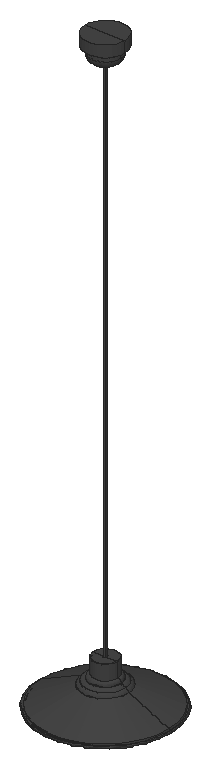
Revit family "MILKCAN(8,10,12,18) LED", category Lighting Fixtures, Revit 2020
Family settings
  Round Connector Dimension = Use Diameter
  Part Type = Normal
  OmniClass Number = 23.80.70.00
  OmniClass Title = Lighting
  Work Plane-Based = No
  Always vertical = Yes
  Cut with Voids When Loaded = No
  Light Source = Yes
  Shared = No
  Room Calculation Point = No
Parameters (values of type "MC18")
  Weight = "2 lbs"
  Wattage Comments = "24W"
  Wattage = 2.4 W
  Warranty = "5 year limited warranty"  # constant formula
  built-in parameter 1150110 = 1 (stored number, unit not read)
  Voltage = 277 V
  URL = "https://www.anplighting.com/assets/Uploads/product-attachments/specification-sheets/ANP-Specification-Sheet-RLM-LED-MC18.pdf"
  built-in parameter 1114217 = 1 (stored number, unit not read)
  Tilt Angle = 90.00°
  built-in parameter 1150109 = 1 (stored number, unit not read)
  built-in parameter 1150134 = 12
  built-in parameter 1150113 = 1 (stored number, unit not read)
  Mounting Option [instance] = 1
  Power Factor = 1
  Post Mount [instance] = Mounting Option = 5  # no
  Placement X axis side [instance] = if(Post Mount, 2' 2 15/32", if(Cord or Stem Mount, 0' 0", if(E36 20 inch, 1' 8 1/4", if(E 6 26 inch, 2' 2", if(E7 41 inch, 3' 5 1/4", 0' 1")))))  # 0' - 0"
  Photometric Web File = "MC18M024LDN40K.ies"
  Model = "MC18"
  Manufacturer = "ANP Lighting"  # constant formula
  MC8 = no
  MC18 = yes
  MC12 = no
  MC10 = no
  built-in parameter 1150105 = 3000 (stored number, unit not read)
  Lumens = 3000 lm
  built-in parameter 1150115 = 1 (stored number, unit not read)
  Load Classification = Lighting
  Light Source Height [instance] = 0' - 4"
  built-in parameter 1150137 = (empty or 0)
  built-in parameter 1150139 = (empty or 0)
  Light Elevation _2 [instance] = if(Post Mount, 0' 0.66142", if(E7 41 inch, 0' 0.66142", if(E36 20 inch, 0' 1.65748", if(E 6 26 inch, 0' 1.53543", if(Cord or Stem Mount, (0' 4.3622" + Cord Length), 0' 0")))))  # 6' - 4.3622"
  Light Elevation _1 [instance] = if(Post Mount, 0' 0", if(E7 41 inch, 0' 0", if(E36 20 inch, 0' 1", if(E 6 26 inch, 0' 0.87402", if(Cord or Stem Mount, (0' 3.66142" + Cord Length), 0' 0")))))  # 6' - 3.66142"
  Light Elevation [instance] = if(Post Mount, 14' 0.5315", if(E7 41 inch, 0' 0", 0' 0"))  # 0' - 0"
  Life = "L70 50,000 hours"  # constant formula
  built-in parameter 1150112 = 1 (stored number, unit not read)
  built-in parameter 1150114 = 1 (stored number, unit not read)
  Lamp = "LED"
  built-in parameter 1150132 = 2
  built-in parameter 1150102 = (empty or 0)
  built-in parameter 1150107 = 4000 (stored number, unit not read)
  built-in parameter 1150138 = (empty or 0)
  built-in parameter 1150106 = 30 (stored number, unit not read)
  Fixture Height = 0' - 6 1/8"
  Fixture Diameter = 1' - 6"
  Efficiency = "65-125 lumens per watt"  # constant formula
  built-in parameter 1150104 = 116.13 (stored number, unit not read)
  E7 41 inch [instance] = Mounting Option = 4  # no
  E36 20 inch [instance] = Mounting Option = 3  # no
  E 6 26 inch [instance] = Mounting Option = 2  # no
  Dimming Lamp Color Temperature Shift = <None>
  Dimming = "1%"  # constant formula
  Description = "120-277 Voltage"  # constant formula
  Default Elevation = 0' - 0"
  Cord or Stem Mount [instance] = Mounting Option = 1  # yes
  Cord Length option [instance] = 0
  Cord Length [instance] = if([2' Cord], 2' 0", if([4' Cord], 4' 0", if([8' Cord], 8' 0", if([10' Cord], 10' 0", if([6' Cord], 6' 0", 6' 0")))))  # 6' - 0"
  Construction Material = "Heavy Duty spun aluminum."  # constant formula
  Color Filter = 16777215
  CRI = ">90"  # constant formula
  Body Material = body
  Body Colour = "Spun aluminium"  # constant formula
  built-in parameter 1114218 = 1 (stored number, unit not read)
  built-in parameter 1150133 = 10 (stored number, unit not read)
  Apparent Load = 24 VA
  8' Cord [instance] = Cord Length option = 8  # no
  6' Cord [instance] = Cord Length option = 6  # no
  4' Cord [instance] = Cord Length option = 4  # no
  2' Cord [instance] = Cord Length option = 2  # no
  10' Cord [instance] = Cord Length option = 10  # no
Types (5): name | Weight | Wattage Comments | Wattage | URL | Model | MC8 | MC18 | MC12 | MC10 | built-in parameter 1150105 | Lumens | Light Source Height | built-in parameter 1150106 | Fixture Height | Fixture Diameter | Apparent Load
  (no name) | "2 lbs" | "24W" | 2.4 W | "https://www.anplighting.com/assets/Uploads/product-attachments/specification-sheets/ANP-Specification-Sheet-RLM-LED-MC18.pdf" | "MC18" | no | yes | no | no | 3000 (stored number, unit not read) | 3000 lm | 0' - 4" | 30 (stored number, unit not read) | 0' - 6 1/8" | 1' - 6" | 24 VA
  MC08 | "1 lbs" | "9W" | 0.68 W | "https://www.anplighting.com/assets/Uploads/product-attachments/specification-sheets/ANP-Specification-Sheet-RLM-LED-MC08.pdf" | "MC08" | yes | no | no | no | 850 (stored number, unit not read) | 850 lm | 0' - 2 1/2" | 8.5 (stored number, unit not read) | 0' - 3 3/4" | 0' - 8" | 9 VA
  MC10 | "1 lbs" | "10W" | 1 W | "https://www.anplighting.com/assets/Uploads/product-attachments/specification-sheets/ANP-Specification-Sheet-RLM-LED-MC10.pdf" | "MC10" | no | no | no | yes | 1250 (stored number, unit not read) | 1250 lm | 0' - 3" | 12.5 (stored number, unit not read) | 0' - 3 3/4" | 0' - 10" | 10 VA
  MC12 | "1.5 lbs" | "16W" | 1.6 W | "https://www.anplighting.com/assets/Uploads/product-attachments/specification-sheets/ANP-Specification-Sheet-RLM-LED-MC12.pdf" | "MC12" | no | no | yes | no | 2000 (stored number, unit not read) | 2000 lm | 0' - 4" | 20 (stored number, unit not read) | 0' - 5" | 1' - 0" | 16 VA
  MC18 | "2 lbs" | "24W" | 2.4 W | "https://www.anplighting.com/assets/Uploads/product-attachments/specification-sheets/ANP-Specification-Sheet-RLM-LED-MC18.pdf" | "MC18" | no | yes | no | no | 3000 (stored number, unit not read) | 3000 lm | 0' - 4" | 30 (stored number, unit not read) | 0' - 6 1/8" | 1' - 6" | 24 VA
Reference planes (in)
  plane 1 "Light Source Axis (F/B)": y = 0
  plane 2: z = 0
  plane 3 "Light Source Axis (L/R)": x = 0
  plane 4 "Light Source Elevation": z = 0
  plane 5: z = 0
  plane 6: x = 0
  plane 7 "Bulb Position": z = -76.3622
  plane 8 "Canopy Position": z = -75.66142
  plane 9 "IES": z = -80.3622
Dimensions and locks (in)
  "Light Elevation": plane 5 to plane 2
  "Placement X axis side": plane 6 to plane 3 "Light Source Axis (L/R)"
  "Light Elevation _2": plane 5 to plane 7 "Bulb Position"
  "Light Elevation _1": plane 5 to plane 8 "Canopy Position"
  "Light Source Height": plane 7 "Bulb Position" to plane 9 "IES"
  locked: plane 4 "Light Source Elevation" to plane 2
  aligned and locked: level to plane 2
  aligned and locked: plane 1 "Light Source Axis (F/B)" to nested 5
  aligned and locked: nested 5 to plane 2
  aligned and locked: nested 1 to plane 3 "Light Source Axis (L/R)"
  aligned and locked: plane 3 "Light Source Axis (L/R)" to nested 2
  aligned and locked: plane 3 "Light Source Axis (L/R)" to nested 4
  aligned and locked: nested 3 to plane 5
  aligned and locked: plane 3 "Light Source Axis (L/R)" to nested 3
  aligned and locked: plane 3 "Light Source Axis (L/R)" to nested 5
  aligned and locked: plane 1 "Light Source Axis (F/B)" to nested 2
  aligned and locked: plane 1 "Light Source Axis (F/B)" to nested 1
  aligned and locked: plane 1 "Light Source Axis (F/B)" to nested 4
  aligned and locked: plane 1 "Light Source Axis (F/B)" to nested 3
  aligned and locked: plane 2 to nested 1
  aligned and locked: plane 2 to nested 2
  aligned and locked: nested 4 to plane 2
  aligned and locked: imposter light to plane 9 "IES"
  aligned and locked: imposter light to plane 6
  aligned and locked: nested 6 to plane 8 "Canopy Position"
  aligned and locked: nested 7 to plane 8 "Canopy Position"
  aligned and locked: nested 8 to plane 8 "Canopy Position"
  aligned and locked: nested 9 to plane 8 "Canopy Position"
  aligned and locked: nested 6 to plane 6
  aligned and locked: nested 7 to plane 6
  aligned and locked: nested 8 to plane 6
  aligned and locked: nested 9 to plane 6
Nested families (in)
  nested 1: "CORD OR STEM MOUNT" at (0, 0, -75.67), visible <- "Cord or Stem Mount", Cord or Stem Mount <- "Cord or Stem Mount", Body Material <- "Body Material", Light Elevation <- "Light Elevation", Cord Length <- "Cord Length", 10' Cord <- "10' Cord", 2' Cord <- "2' Cord", 4' Cord <- "4' Cord", 6' Cord <- "6' Cord", 8' Cord <- "8' Cord", type "CORD OR STEM MOUNT"
    with Light Elevation 0' - 0", Cord or Stem Mount yes, Cord Length 6' - 0", Body Material body, 8' Cord no, 6' Cord no, 4' Cord no, 2' Cord no, 10' Cord no
  nested 2: "E6 26 INCH" at (0, 0, 0), visible <- "E 6 26 inch", Chain Length <- "Cord Length", E 6 26 inch <- "E 6 26 inch", Placement X axis side <- "Placement X axis side", Body Material <- "Body Material", Light Elevation <- "Light Elevation", type "E6 26 INCH"
    with Placement X axis side 0' - 0", Light Elevation 0' - 0", E 6 26 inch no, Chain Length 6' - 0", Body Material body
  nested 3: "E7 41 INCH" at (0, 0, 0), Chain Length <- "Cord Length", visible <- "E7 41 inch", E7 41 inch <- "E7 41 inch", Placement X axis side <- "Placement X axis side", Body Material <- "Body Material", Light Elevation <- "Light Elevation", type "E7 41 INCH"
    with Placement X axis side 0' - 0", Light Elevation 0' - 0", E7 41 inch no, Chain Length 6' - 0", Body Material body
  nested 4: "E36 20 INCH" at (0, 0, 0), visible <- "E36 20 inch", E36 20 inch <- "E36 20 inch", Placement X axis side <- "Placement X axis side", Chain Length <- "Cord Length", Body Material <- "Body Material", Light Elevation <- "Light Elevation", type "E36 20 INCH"
    with Placement X axis side 0' - 0", Light Elevation 0' - 0", E36 20 inch no, Chain Length 6' - 0", Body Material body
  nested 5: "POST MOUNT" at (0, 0, 0), visible <- "Post Mount", Post Mount <- "Post Mount", Placement X axis side <- "Placement X axis side", Chain Length <- "Cord Length", Body Material <- "Body Material", Light Elevation <- "Light Elevation", type "POST MOUNT"
    with Post Mount no, Placement X axis side 0' - 0", Light Elevation 0' - 0", Chain Length 6' - 0", Body Material body
  nested 6: "MC8" at (0, 0, -75.66142), Light Elevation <- "Light Elevation", Body <- "Body Material", MC8 <- "MC8", visible <- "MC8", type "MC8"
    with MC8 no, Light Elevation 0' - 0", Body body
  nested 7: "MC10" at (0, 0, -75.66142), Light Elevation <- "Light Elevation", Body <- "Body Material", MC10 <- "MC10", visible <- "MC10", type "MC10"
    with MC10 no, Light Elevation 0' - 0", Body body
  nested 8: "MC12" at (0, 0, -93.66142), Body <- "Body Material", MC12 <- "MC12", visible <- "MC12", Fixture Diameter <- "Fixture Diameter", type "MC12"
    with MC12 no, Fixture Diameter 1' - 6", Body body
  nested 9: "MC18" at (0, 0, -75.66142), Light Elevation <- "Light Elevation", Body <- "Body Material", MC18 <- "MC18", visible <- "MC18", type "MC18"
    with MC18 yes, Light Elevation 0' - 0", Body body
Definition of nested family "CORD OR STEM MOUNT"
  Parameters (values of type "CORD OR STEM MOUNT")
    URL = ""
    Model = ""
    Manufacturer = ""
    Light Elevation [instance] = 1' - 7.69"
    Default Elevation = 0' - 0"
    Cord or Stem Mount [instance] = yes
    Cord Length [instance] = 6' - 0"
    Body Material [instance] = none
    8' Cord [instance] = no
    6' Cord [instance] = no
    4' Cord [instance] = no
    2' Cord [instance] = no
    10' Cord [instance] = no
  Reference planes (in)
    plane 1 "Light Source Axis (F/B)": y = 0
    plane 2: z = 0
    plane 3 "Light Source Axis (L/R)": x = 0
    plane 4 "Light Source Elevation": z = 23.125
    plane 5: z = 91.69
    plane 6: z = 19.69
  Forms (in)
    Extrusion 1, void, not visible
      sketch origin (0, 0, 2.38154) x (1, 0, 0) y (0, 0, 1)
        loop
          circle (0, 4.59925) r 0.16583
      from 1.18594 to 1.75
    Extrusion 2, void, not visible
      sketch origin (0, 0, 2.38154) x (0.707107, -0.707107, 0) y (0, 0, 1)
        loop
          circle (0, 4.59925) r 0.16583
      from 1.18594 to 1.75
    Extrusion 3, void, not visible
      sketch origin (0, 0, 2.38154) x (0.707107, 0.707107, 0) y (0, 0, 1)
        loop
          circle (0, 4.59925) r 0.16583
      from 1.18594 to 1.75
    Extrusion 4, void, not visible
      sketch origin (0, 0, 2.38154) x (0, 1, 0) y (0, 0, 1)
        loop
          circle (0, 4.59925) r 0.16583
      from 1.18594 to 1.75
    Extrusion 5, void, not visible
      sketch origin (0, 0, 2.38154) x (-0.707107, 0.707107, 0) y (0, 0, 1)
        loop
          circle (0, 4.59925) r 0.16583
      from 1.18594 to 1.75
    Extrusion 6, void, not visible
      sketch origin (0, 0, 2.38154) x (-1, 0, 0) y (0, 0, 1)
        loop
          circle (0, 4.59925) r 0.20678
      from 1.18594 to 1.75
    Extrusion 7, void, not visible
      sketch origin (0, 0, 2.38154) x (-0.707107, -0.707107, 0) y (0, 0, 1)
        loop
          circle (0, 4.59925) r 0.16583
      from 1.18594 to 1.75
    Extrusion 8, void, not visible
      sketch origin (0, 0, 2.38154) x (0, -1, 0) y (0, 0, 1)
        loop
          circle (0, 4.59925) r 0.16583
      from 1.18594 to 1.75
    Revolve 9, solid, material <- "Body Material", visible <- "Cord or Stem Mount"
      sketch origin (0, 0, 174.56698) x (1, 0, 0) y (0, 0, 1)
        loop
          line (2.6875, -79.20698) -> (0, -79.20698) -> (0, -82.87698) -> (0.125, -82.87698) -> (0.125, -82.83698) -> (0.75, -82.83698)
          arc (0.75, -82.83698) -> (0.81694, -82.77004) -> (0.75, -82.7031) r 0.06694
          line (0.75, -82.7031) -> (0.89763, -82.7031) -> (1.00223, -82.5985) -> (1.06587, -82.5985)
          arc (1.06587, -82.5985) -> (1.80099, -82.29401) -> (2.10549, -81.55888) r 1.03962
          line (2.10549, -81.55888) -> (2.10549, -81.03899)
          arc (2.10549, -81.03899) -> (2.12951, -80.981) -> (2.1875, -80.95698) r 0.08201
          line (2.1875, -80.95698) -> (2.1875, -80.70698) -> (2.6875, -80.70698) -> (2.6875, -79.20698)
        axis (0, -79.20698) -> (0, -82.87698)
      angle from 0 to 360
    Revolve 10, solid, material <- "Body Material", visible <- "Cord or Stem Mount"
      sketch origin (0, 0, 0) x (1, 0, 0) y (0, 0, 1)
        loop
          line (0, 91.69) -> (-0.125, 91.69) -> (-0.125, 19.69) -> (0, 19.69) -> (0, 91.69)
        axis (0, 19.69) -> (0, 91.69)
      angle from 0 to 360
  Dimensions and locks (in)
    "Light Elevation": plane 6 to plane 2
    "Cord Length": plane 5 to plane 6
    locked: Revolve 10 sketch curve to Revolve 10 sketch curve at 0.125
    aligned and locked: level to plane 2
    aligned and locked: Revolve 10 sketch curve to plane 3 "Light Source Axis (L/R)"
    aligned and locked: Revolve 10 sketch curve to plane 6
    aligned and locked: Revolve 10 sketch curve to plane 5
    aligned and locked: plane 3 "Light Source Axis (L/R)" to Revolve 10 sketch curve
  Automatic sketch dimensions
    Revolve 9 sketch curve to plane 3 "Light Source Axis (L/R)" = 0' - 0"  (x2)
    Revolve 9 sketch curve to plane 5 = 0' - 0"
    plane 3 "Light Source Axis (L/R)" to Revolve 9 sketch curve = 0' - 0 1/8"
    Revolve 9 sketch curve to plane 5 = 0' - 0.17388"
    Revolve 9 sketch curve to Revolve 9 sketch curve = 0' - 0 5/8"
    Revolve 9 sketch curve to Revolve 9 sketch curve = 0' - 0.14763"
    Revolve 9 sketch curve to plane 5 = 0' - 0.27847"
    Revolve 9 sketch curve to Revolve 9 sketch curve = 0' - 0.1046"
    Revolve 9 sketch curve to Revolve 9 sketch curve = 0' - 0.06364"
    Revolve 9 sketch curve to Revolve 9 sketch curve = 0' - 1.03962"
    Revolve 9 sketch curve to Revolve 9 sketch curve = 0' - 0 21/256"
    Revolve 9 sketch curve to Revolve 9 sketch curve = 0' - 0 1/2"  (x2)
    Revolve 9 sketch curve to Revolve 9 sketch curve = 0' - 0.51989"
    Revolve 9 sketch curve to Revolve 9 sketch curve = 0' - 0 1/4"
    Revolve 9 sketch curve to Revolve 9 sketch curve = 0' - 2.3519"
    Revolve 9 sketch curve to Revolve 9 sketch curve = 0' - 1 1/4"
    Revolve 9 sketch curve to Revolve 9 sketch curve = 0' - 0.04"
    Revolve 10 sketch curve to Revolve 10 sketch curve = 0' - 0 1/2"
    Revolve 10 sketch curve to Revolve 10 sketch curve = 0' - 0.42345"
Definition of nested family "MC18"
  Parameters (values of type "MC18")
    MC18 [instance] = yes
    Light Elevation [instance] = 0' - 0"
    Default Elevation = 0' - 0"
    Body [instance] = none
  Reference planes (in)
    plane 1 "Center (Front/Back)": y = 0
    plane 2: z = 0
    plane 3 "Center (Left/Right)": x = 0
    plane 4: z = 0
  Dimensions and locks (in)
    "Light Elevation": plane 4 to level
    aligned and locked: plane 2 to level
    aligned and locked: plane 1 "Center (Front/Back)" to nested 1
    aligned and locked: plane 3 "Center (Left/Right)" to nested 1
    aligned and locked: plane 4 to nested 1
  Nested families (in)
    nested 1: "Family9" at (0, 0, -6.125), Body <- "Body", visible <- "MC18", MC18 <- "MC18", type "Family9"
      with MC18 yes, Body none
  Definition of nested family "Family9"
    Parameters
      MC18 [instance] = yes
      Default Elevation = 0' - 0"
      Body [instance] = none
    Reference planes (in)
      plane 1 "Center (Front/Back)": y = 0
      plane 2: z = 0
      plane 3 "Center (Left/Right)": x = 0
    Forms (in)
      Revolve 1, solid, material <- "Body", visible <- "MC18"
        sketch origin (0, 0, 0) x (1, 0, 0) y (0, 0, 1)
          loop
            line (8.51516, 0) -> (8.93338, 0)
            arc (8.93338, 0) -> (9, 0.09839) -> (8.93338, 0.19677) r 0.10596
            line (8.93338, 0.19677) -> (8.66516, 0.19677) -> (8.66516, 0.36156)
            arc (8.66516, 0.36156) -> (5.96069, 1.6644) -> (3.16998, 2.7705) r 41.95239
            line (3.16998, 2.7705) -> (3.09734, 2.7705)
            arc (3.09734, 2.7705) -> (2.96765, 3.04415) -> (2.73248, 3.23494) r 0.68371
            line (2.73248, 3.23494) -> (2.6771, 3.23494)
            arc (2.6771, 3.23494) -> (2.43858, 3.48637) -> (2.09496, 3.53156) r 0.51891
            line (2.09496, 3.53156) -> (2.05102, 3.53156) -> (2.05102, 3.59548)
            arc (2.05102, 3.59548) -> (1.95523, 3.92754) -> (1.65622, 4.1008) r 0.46309
            line (1.65622, 4.1008) -> (1.65622, 6.07769) -> (1.61985, 6.07769) -> (1.61985, 6.125) -> (0.30815, 6.125) -> (0.30815, 5.975) -> (1.50622, 5.975) -> (1.50622, 3.94401)
            arc (1.50622, 3.94401) -> (1.79468, 3.87962) -> (1.90102, 3.60385) r 0.31309
            line (1.90102, 3.60385) -> (1.90102, 3.38156) -> (2.11211, 3.38156)
            arc (2.11211, 3.38156) -> (2.37965, 3.34788) -> (2.55281, 3.14117) r 0.36891
            arc (2.55281, 3.14117) -> (2.82797, 2.9774) -> (2.95988, 2.68563) r 0.53371
            arc (2.95988, 2.68563) -> (5.78132, 1.57903) -> (8.51516, 0.27092) r 41.80239
            line (8.51516, 0.27092) -> (8.51516, 0.19677) -> (8.51516, 0)
          axis (0, 6.125) -> (0, 0)
        angle from 0 to 360
    Dimensions and locks (in)
      aligned and locked: plane 2 to level
Definition of nested family "E6 26 INCH"
  Parameters (values of type "E6 26 INCH")
    URL = ""
    Placement X axis side [instance] = 2' - 2"
    Model = ""
    Manufacturer = ""
    Light Elevation [instance] = 8' - 4"
    E 6 26 inch [instance] = yes
    Default Elevation = 0' - 0"
    Chain Length [instance] = 0' - 0"
    Body Material [instance] = none
  Reference planes (in)
    plane 1 "Light Source Axis (F/B)": y = 0
    plane 2: z = 0
    plane 3 "Light Source Axis (L/R)": x = 0
    plane 4 "Light Source Elevation": z = 23.125
    plane 5: z = 100
    plane 6: x = -26
    plane 7: z = 99.125
    plane 8: x = -24.12
    plane 9: x = -25.5474
  Forms (in)
    Extrusion 1, void, not visible
      sketch origin (0, 0, 2.38154) x (1, 0, 0) y (0, 0, 1)
        loop
          circle (0, 4.59925) r 0.16583
      from 1.18594 to 1.75
    Extrusion 2, void, not visible
      sketch origin (0, 0, 2.38154) x (0.707107, -0.707107, 0) y (0, 0, 1)
        loop
          circle (0, 4.59925) r 0.16583
      from 1.18594 to 1.75
    Extrusion 3, void, not visible
      sketch origin (0, 0, 2.38154) x (0.707107, 0.707107, 0) y (0, 0, 1)
        loop
          circle (0, 4.59925) r 0.16583
      from 1.18594 to 1.75
    Extrusion 4, void, not visible
      sketch origin (0, 0, 2.38154) x (0, 1, 0) y (0, 0, 1)
        loop
          circle (0, 4.59925) r 0.16583
      from 1.18594 to 1.75
    Extrusion 5, void, not visible
      sketch origin (0, 0, 2.38154) x (-0.707107, 0.707107, 0) y (0, 0, 1)
        loop
          circle (0, 4.59925) r 0.16583
      from 1.18594 to 1.75
    Extrusion 6, void, not visible
      sketch origin (0, 0, 2.38154) x (-1, 0, 0) y (0, 0, 1)
        loop
          circle (0, 4.59925) r 0.20678
      from 1.18594 to 1.75
    Extrusion 7, void, not visible
      sketch origin (0, 0, 2.38154) x (-0.707107, -0.707107, 0) y (0, 0, 1)
        loop
          circle (0, 4.59925) r 0.16583
      from 1.18594 to 1.75
    Extrusion 8, void, not visible
      sketch origin (0, 0, 2.38154) x (0, -1, 0) y (0, 0, 1)
        loop
          circle (0, 4.59925) r 0.16583
      from 1.18594 to 1.75
    Sweep 9, solid, material <- "Body Material", visible <- "E 6 26 inch"
      path origin (-41.25, 0, 168.51693) x (1, 0, 0) y (0, 0, 1)
        loop
          line (17.13, -68.51693) -> (27.68551, -68.51693)
          arc (27.68551, -68.51693) -> (28.47996, -68.34486) -> (29.13202, -67.8595) r 1.92004
          line (29.13202, -67.8595) -> (34.23651, -62.01155)
          arc (34.23651, -62.01155) -> (38.65464, -60.89667) -> (41.25, -64.64193) r 4
          line (41.25, -64.64193) -> (41.25, -69.39193)
      profile origin (-18.84224, 0, 100) x (0, 0, 1) y (0, -1, 0)
        loop
          circle (0, 0) r 0.5
    Revolve 10, solid, material <- "Body Material", visible <- "E 6 26 inch"
      sketch origin (-26, 0, 168.51693) x (1, 0, 0) y (0, 0, 1)
        loop
          line (0, -66.07943) -> (0, -68.51693) -> (1.88, -68.51693) -> (1.88, -67.69272) -> (0.4526, -67.69272) -> (0.4526, -66.54122) -> (0.33125, -66.54122) -> (0.33125, -66.07943) -> (0, -66.07943)
        axis (0, -68.51693) -> (1.88, -68.51693)
      angle from 0 to 360
    Extrusion 11, solid, material <- "Body Material", visible <- "E 6 26 inch"
      sketch origin (-26, 0, 168.51693) x (0, -1, 0) y (0, 0, -1)
        loop
          line (0.25, 68.51693) -> (0.25, 69.51693) -> (-0.25, 69.51693) -> (-0.25, 68.51693) -> (0.25, 68.51693)
      from 0.4526 to 1.88
  Cuts and joins
    joined: Revolve 10, Extrusion 11
  Dimensions and locks (in)
    "Light Elevation": plane 5 to plane 2
    "Placement X axis side": plane 3 "Light Source Axis (L/R)" to plane 6
    locked: plane 5 to plane 7 at 0.875
    Revolve 10 sketch curve to Revolve 10 sketch curve to Revolve 10 sketch curve to plane 6 = 0' - 1.4274" locked, 0' - 0.12135" locked, 0' - 0.33125" locked
    Revolve 10 sketch curve to Revolve 10 sketch curve to Revolve 10 sketch curve to plane 5 = 0' - 0.46179" locked, 0' - 1.1515" locked, 0' - 0 211/256" locked
    locked: Sweep 9 sketch curve to plane 6 at 1.88
    locked: Sweep 9 sketch curve to Sweep 9 sketch curve at 10.55551
    locked: Sweep 9 sketch curve to Sweep 9 sketch curve at 13.56449
    locked: Sweep 9 sketch curve to Sweep 9 sketch curve at 4.75
    locked: plane 9 to plane 6 at 0.4526
    locked: plane 8 to plane 9 at 1.4274
    aligned and locked: level to plane 2
    aligned and locked: Revolve 10 sketch curve to plane 6
    aligned and locked: plane 5 to Revolve 10 sketch curve
    aligned and locked: Revolve 10 sketch curve to plane 5
    aligned and locked: cut or joined group of Revolve 10, Extrusion 11 to plane 9
    aligned and locked: plane 8 to cut or joined group of Revolve 10, Extrusion 11
  Automatic sketch dimensions
    Sweep 9 sketch curve to plane 5 = 0' - 0"
    Sweep 9 sketch curve to Sweep 9 sketch curve = 0' - 4"
    Sweep 9 sketch curve to Sweep 9 sketch curve = 0' - 3.01349"
    plane 5 to Sweep 9 sketch curve = 0' - 0.65743"
    Sweep 9 sketch curve to Sweep 9 sketch curve = 0' - 1.4465"
    Sweep 9 sketch curve to plane 5 = 0' - 0 7/8"
    profile plane to Sweep 9 sketch curve = 0' - 0"
    Sweep 9 sketch curve to profile plane = 0' - 0"
    plane 6 to Revolve 10 sketch curve = 0' - 0.62562"
    Revolve 10 sketch curve to Revolve 10 sketch curve = 0' - 0 1/2"
    Extrusion 11 sketch curve to plane 5 = 0' - 0"
    plane 1 "Light Source Axis (F/B)" to Extrusion 11 sketch curve = 0' - 0 1/4"
    Extrusion 11 sketch curve to plane 1 "Light Source Axis (F/B)" = 0' - 0 1/4"
    plane 5 to Extrusion 11 sketch curve = 0' - 1"
    radius of Sweep 9 sketch curve = 0' - 0 1/2"
Definition of nested family "E7 41 INCH"
  Parameters (values of type "E7 41 INCH")
    URL = ""
    Placement X axis side [instance] = 4' - 2"
    Model = ""
    Manufacturer = ""
    Light Elevation [instance] = 8' - 4"
    E7 41 inch [instance] = yes
    Default Elevation = 0' - 0"
    Chain Length [instance] = 0' - 0"
    Body Material [instance] = none
  Reference planes (in)
    plane 1 "Light Source Axis (F/B)": y = 0
    plane 2: z = 0
    plane 3 "Light Source Axis (L/R)": x = 0
    plane 4 "Light Source Elevation": z = 23.125
    plane 5: z = 100
    plane 6: x = -50
  Forms (in)
    Extrusion 1, void, not visible
      sketch origin (0, 0, 2.38154) x (1, 0, 0) y (0, 0, 1)
        loop
          circle (0, 4.59925) r 0.16583
      from 1.18594 to 1.75
    Extrusion 2, void, not visible
      sketch origin (0, 0, 2.38154) x (0.707107, -0.707107, 0) y (0, 0, 1)
        loop
          circle (0, 4.59925) r 0.16583
      from 1.18594 to 1.75
    Extrusion 3, void, not visible
      sketch origin (0, 0, 2.38154) x (0.707107, 0.707107, 0) y (0, 0, 1)
        loop
          circle (0, 4.59925) r 0.16583
      from 1.18594 to 1.75
    Extrusion 4, void, not visible
      sketch origin (0, 0, 2.38154) x (0, 1, 0) y (0, 0, 1)
        loop
          circle (0, 4.59925) r 0.16583
      from 1.18594 to 1.75
    Extrusion 5, void, not visible
      sketch origin (0, 0, 2.38154) x (-0.707107, 0.707107, 0) y (0, 0, 1)
        loop
          circle (0, 4.59925) r 0.16583
      from 1.18594 to 1.75
    Extrusion 6, void, not visible
      sketch origin (0, 0, 2.38154) x (-1, 0, 0) y (0, 0, 1)
        loop
          circle (0, 4.59925) r 0.20678
      from 1.18594 to 1.75
    Extrusion 7, void, not visible
      sketch origin (0, 0, 2.38154) x (-0.707107, -0.707107, 0) y (0, 0, 1)
        loop
          circle (0, 4.59925) r 0.16583
      from 1.18594 to 1.75
    Extrusion 8, void, not visible
      sketch origin (0, 0, 2.38154) x (0, -1, 0) y (0, 0, 1)
        loop
          circle (0, 4.59925) r 0.16583
      from 1.18594 to 1.75
    Revolve 9, solid, material <- "Body Material", visible <- "E7 41 inch"
      sketch origin (-41.25, 0, 168.39193) x (1, 0, 0) y (0, 0, 1)
        loop
          line (-8.75, -66.20443) -> (-8.75, -68.51693) -> (-6.87, -68.51693) -> (-6.87, -67.69272) -> (-8.2974, -67.69272) -> (-8.2974, -66.54122) -> (-8.41875, -66.54122) -> (-8.41875, -66.20443) -> (-8.75, -66.20443)
        axis (-8.75, -68.51693) -> (-6.87, -68.51693)
      angle from 0 to 360
    Extrusion 10, solid, material <- "Body Material", visible <- "E7 41 inch"
      sketch origin (-41.25, 0, 168.39193) x (0, -1, 0) y (0, 0, -1)
        loop
          line (0.25, 68.51693) -> (0.25, 69.51693) -> (-0.25, 69.51693) -> (-0.25, 68.51693) -> (0.25, 68.51693)
      from -8.2974 to -6.87
    Sweep 11, solid, material <- "Body Material", visible <- "E7 41 inch"
      path origin (-41.25, 0, 168.39193) x (1, 0, 0) y (0, 0, 1)
        loop
          line (-6.87, -68.51693) -> (16.04011, -68.51693)
          arc (16.04011, -68.51693) -> (17.864, -68.13651) -> (19.38375, -67.0587) r 4.5625
          line (19.38375, -67.0587) -> (24.70217, -61.33018)
          arc (24.70217, -61.33018) -> (29.64465, -60.20324) -> (32.5, -64.39193) r 4.5
          line (32.5, -64.39193) -> (32.5, -68.39193)
      profile origin (-36.66494, 0, 99.875) x (0, 0, 1) y (0, -1, 0)
        loop
          circle (0, 0) r 0.5
  Dimensions and locks (in)
    "Placement X axis side": plane 3 "Light Source Axis (L/R)" to plane 6
    "Light Elevation": plane 5 to plane 2
    locked: Revolve 9 sketch curve to Revolve 9 sketch curve at 0.33125
    locked: Revolve 9 sketch curve to Revolve 9 sketch curve at 0.4526
    locked: Revolve 9 sketch curve to Revolve 9 sketch curve at 1.88
    locked: Revolve 9 sketch curve to Revolve 9 sketch curve at 0.82421
    locked: Revolve 9 sketch curve to Revolve 9 sketch curve at 1.1515
    locked: Revolve 9 sketch curve to Revolve 9 sketch curve at 0.33679
    locked: plane 5 to Revolve 9 sketch curve at 0.125
    locked: Extrusion 10 sketch curve to Extrusion 10 sketch curve at 0.5
    locked: Extrusion 10 sketch curve to Extrusion 10 sketch curve at 1
    locked: plane 5 to Extrusion 10 sketch curve at 0.125
    locked: plane 5 to Sweep 11 sketch curve at 0.125
    locked: Sweep 11 sketch curve to Sweep 11 sketch curve at 39.37
    locked: Sweep 11 sketch curve to Sweep 11 sketch curve at 4
    locked: plane 6 to Extrusion 10 at 0.4526
    locked: Sweep 11 sketch curve to plane 6 at 1.88
    locked: Extrusion 10 to Extrusion 10 at 1.4274
    aligned and locked: plane 2 to level
    aligned and locked: Revolve 9 sketch curve to plane 6
  Automatic sketch dimensions
    Revolve 9 sketch curve to plane 5 = 0' - 0 1/8"
    plane 6 to Revolve 9 sketch curve = 0' - 0.62562"
    Revolve 9 sketch curve to Revolve 9 sketch curve = 0' - 0 1/2"
    plane 1 "Light Source Axis (F/B)" to Extrusion 10 sketch curve = 0' - 0 1/4"
    Sweep 11 sketch curve to plane 5 = 0' - 0"
    Sweep 11 sketch curve to Sweep 11 sketch curve = 0' - 4 1/2"
    Sweep 11 sketch curve to Sweep 11 sketch curve = 0' - 3.29783"
    plane 5 to Sweep 11 sketch curve = 0' - 1.33323"
    Sweep 11 sketch curve to Sweep 11 sketch curve = 0' - 5.31842"
    Sweep 11 sketch curve to Sweep 11 sketch curve = 0' - 3.34364"
    profile plane to Sweep 11 sketch curve = 0' - 0"
    Sweep 11 sketch curve to profile plane = 0' - 0"
    radius of Sweep 11 sketch curve = 0' - 0 1/2"
Definition of nested family "E36 20 INCH"
  Parameters (values of type "E36 20 INCH")
    URL = ""
    Placement X axis side [instance] = 1' - 8 1/4"
    Model = ""
    Manufacturer = ""
    Light Elevation [instance] = 8' - 4"
    E36 20 inch [instance] = yes
    Default Elevation = 0' - 0"
    Chain Length [instance] = 0' - 0"
    Body Material [instance] = none
  Reference planes (in)
    plane 1 "Light Source Axis (F/B)": y = 0
    plane 2: z = 0
    plane 3 "Light Source Axis (L/R)": x = 0
    plane 4 "Light Source Elevation": z = 23.125
    plane 5: z = 99
    plane 6: x = -20.25
    plane 7: z = 100
    plane 8: x = -18.37008
    plane 9: x = -19.79724
  Forms (in)
    Extrusion 1, void, not visible
      sketch origin (0, 0, 2.38154) x (1, 0, 0) y (0, 0, 1)
        loop
          circle (0, 4.59925) r 0.16583
      from 1.18594 to 1.75
    Extrusion 2, void, not visible
      sketch origin (0, 0, 2.38154) x (0.707107, -0.707107, 0) y (0, 0, 1)
        loop
          circle (0, 4.59925) r 0.16583
      from 1.18594 to 1.75
    Extrusion 3, void, not visible
      sketch origin (0, 0, 2.38154) x (0.707107, 0.707107, 0) y (0, 0, 1)
        loop
          circle (0, 4.59925) r 0.16583
      from 1.18594 to 1.75
    Extrusion 4, void, not visible
      sketch origin (0, 0, 2.38154) x (0, 1, 0) y (0, 0, 1)
        loop
          circle (0, 4.59925) r 0.16583
      from 1.18594 to 1.75
    Extrusion 5, void, not visible
      sketch origin (0, 0, 2.38154) x (-0.707107, 0.707107, 0) y (0, 0, 1)
        loop
          circle (0, 4.59925) r 0.16583
      from 1.18594 to 1.75
    Extrusion 6, void, not visible
      sketch origin (0, 0, 2.38154) x (-1, 0, 0) y (0, 0, 1)
        loop
          circle (0, 4.59925) r 0.20678
      from 1.18594 to 1.75
    Extrusion 7, void, not visible
      sketch origin (0, 0, 2.38154) x (-0.707107, -0.707107, 0) y (0, 0, 1)
        loop
          circle (0, 4.59925) r 0.16583
      from 1.18594 to 1.75
    Extrusion 8, void, not visible
      sketch origin (0, 0, 2.38154) x (0, -1, 0) y (0, 0, 1)
        loop
          circle (0, 4.59925) r 0.16583
      from 1.18594 to 1.75
    Sweep 9, solid, material <- "Body Material", visible <- "E36 20 inch"
      path origin (-41.25, 0, 169.51693) x (1, 0, 0) y (0, 0, 1)
        loop
          line (22.88, -69.51693) -> (28.93827, -69.51693)
          arc (28.93827, -69.51693) -> (29.97705, -69.28152) -> (30.81284, -68.62128) r 2.40953
          line (30.81284, -68.62128) -> (34.13807, -64.50378)
          arc (34.13807, -64.50378) -> (38.58272, -63.24548) -> (41.25, -67.01693) r 4
          line (41.25, -67.01693) -> (41.25, -70.51693)
      profile origin (-15.34086, 0, 100) x (0, 0, 1) y (0, -1, 0)
        loop
          circle (0, 0) r 0.5
    Revolve 10, solid, material <- "Body Material", visible <- "E36 20 inch"
      sketch origin (-20.25, 0, 169.51693) x (1, 0, 0) y (0, 0, 1)
        loop
          line (0, -67.20443) -> (0, -69.51693) -> (1.88, -69.51693) -> (1.88, -68.69272) -> (0.4526, -68.69272) -> (0.4526, -67.54122) -> (0.33125, -67.54122) -> (0.33125, -67.20443) -> (0, -67.20443)
        axis (0, -69.51693) -> (1.88, -69.51693)
      angle from 0 to 360
    Extrusion 11, solid, material <- "Body Material", visible <- "E36 20 inch"
      sketch origin (-20.25, 0, 169.51693) x (0, -1, 0) y (0, 0, -1)
        loop
          line (0.25, 69.51693) -> (0.25, 70.51693) -> (-0.25, 70.51693) -> (-0.25, 69.51693) -> (0.25, 69.51693)
      from 1.87992 to 0.45276
  Cuts and joins
    joined: Revolve 10, Extrusion 11
  Dimensions and locks (in)
    "Light Elevation": plane 7 to plane 2
    "Placement X axis side": plane 3 "Light Source Axis (L/R)" to plane 6
    locked: plane 7 to plane 5 at 1
    Revolve 10 sketch curve to Revolve 10 sketch curve to Revolve 10 sketch curve to plane 7 = 0' - 0.33679" locked, 0' - 1.1515" locked, 0' - 0 211/256" locked
    locked: Sweep 9 sketch curve to plane 6 at 1.88
    locked: Sweep 9 sketch curve to Sweep 9 sketch curve at 6.05827
    locked: Sweep 9 sketch curve to Sweep 9 sketch curve at 12.31173
    locked: Sweep 9 sketch curve to Sweep 9 sketch curve at 3.5
    Revolve 10 sketch curve to Revolve 10 sketch curve to Revolve 10 sketch curve to plane 6 = 0' - 1.4274" locked, 0' - 0.12135" locked, 0' - 0.33125" locked
    locked: plane 9 to plane 6 at 0.45276
    locked: plane 8 to plane 9 at 1.42717
    aligned and locked: level to plane 2
    aligned and locked: plane 7 to Revolve 10 sketch curve
    aligned and locked: Revolve 10 sketch curve to plane 7
    aligned and locked: Revolve 10 sketch curve to plane 6
    aligned and locked: cut or joined group of Revolve 10, Extrusion 11 to plane 9
    aligned and locked: plane 8 to cut or joined group of Revolve 10, Extrusion 11
  Automatic sketch dimensions
    Sweep 9 sketch curve to plane 7 = 0' - 0"
    Sweep 9 sketch curve to plane 5 = 0' - 0"
    Sweep 9 sketch curve to Sweep 9 sketch curve = 0' - 4"
    Sweep 9 sketch curve to plane 7 = 0' - 0.89565"
    Sweep 9 sketch curve to Sweep 9 sketch curve = 0' - 3.32523"
    Sweep 9 sketch curve to Sweep 9 sketch curve = 0' - 1.87457"
    profile plane to Sweep 9 sketch curve = 0' - 0"
    Sweep 9 sketch curve to profile plane = 0' - 0"
    plane 6 to Revolve 10 sketch curve = 0' - 0.62562"
    Revolve 10 sketch curve to Revolve 10 sketch curve = 0' - 0 1/2"
    plane 7 to Extrusion 11 sketch curve = 0' - 0"
    Extrusion 11 sketch curve to plane 5 = 0' - 0"
    plane 1 "Light Source Axis (F/B)" to Extrusion 11 sketch curve = 0' - 0 1/4"
    Extrusion 11 sketch curve to plane 1 "Light Source Axis (F/B)" = 0' - 0 1/4"
    radius of Sweep 9 sketch curve = 0' - 0 1/2"
Definition of nested family "POST MOUNT"
  Parameters (values of type "POST MOUNT")
    URL = ""
    Post Mount [instance] = yes
    Placement X axis side [instance] = 2' - 2 1/2"
    Model = ""
    Manufacturer = ""
    Light Elevation [instance] = 14' - 0.5168"
    Default Elevation = 0' - 0"
    Chain Length [instance] = 0' - 0"
    Body Material [instance] = none
  Reference planes (in)
    plane 1 "Light Source Axis (F/B)": y = 0
    plane 2: z = 0
    plane 3 "Light Source Axis (L/R)": x = 0
    plane 4 "Light Source Elevation": z = 23.125
    plane 5: x = -26.5
    plane 6: z = 168.5168
  Forms (in)
    Extrusion 1, void, not visible
      sketch origin (0, 0, 2.38154) x (1, 0, 0) y (0, 0, 1)
        loop
          circle (0, 4.59925) r 0.16583
      from 1.18594 to 1.75
    Extrusion 2, void, not visible
      sketch origin (0, 0, 2.38154) x (0.707107, -0.707107, 0) y (0, 0, 1)
        loop
          circle (0, 4.59925) r 0.16583
      from 1.18594 to 1.75
    Extrusion 3, void, not visible
      sketch origin (0, 0, 2.38154) x (0.707107, 0.707107, 0) y (0, 0, 1)
        loop
          circle (0, 4.59925) r 0.16583
      from 1.18594 to 1.75
    Extrusion 4, void, not visible
      sketch origin (0, 0, 2.38154) x (0, 1, 0) y (0, 0, 1)
        loop
          circle (0, 4.59925) r 0.16583
      from 1.18594 to 1.75
    Extrusion 5, void, not visible
      sketch origin (0, 0, 2.38154) x (-0.707107, 0.707107, 0) y (0, 0, 1)
        loop
          circle (0, 4.59925) r 0.16583
      from 1.18594 to 1.75
    Extrusion 6, void, not visible
      sketch origin (0, 0, 2.38154) x (-1, 0, 0) y (0, 0, 1)
        loop
          circle (0, 4.59925) r 0.20678
      from 1.18594 to 1.75
    Extrusion 7, void, not visible
      sketch origin (0, 0, 2.38154) x (-0.707107, -0.707107, 0) y (0, 0, 1)
        loop
          circle (0, 4.59925) r 0.16583
      from 1.18594 to 1.75
    Extrusion 8, void, not visible
      sketch origin (0, 0, 2.38154) x (0, -1, 0) y (0, 0, 1)
        loop
          circle (0, 4.59925) r 0.16583
      from 1.18594 to 1.75
    Revolve 9, solid, material <- "Body Material", visible <- "Post Mount"
      sketch origin (-7.90508, 0, 0) x (1, 0, 0) y (0, 0, 1)
        loop
          line (-18.59492, 3.92912) -> (-16.29831, 3.92912) -> (-16.29831, 4.2668) -> (-16.91413, 4.2668) -> (-16.91413, 134.5168) -> (-17.16413, 134.5168) -> (-17.16413, 137.3918) -> (-17.05979, 137.3918)
          arc (-17.05979, 137.3918) -> (-16.93479, 137.5168) -> (-17.05979, 137.6418) r 0.125
          line (-17.05979, 137.6418) -> (-17.48032, 137.6418) -> (-17.48032, 139.0793) -> (-17.73032, 139.0793) -> (-17.73032, 139.5793) -> (-18.59492, 139.5793) -> (-18.59492, 3.92912)
        axis (-18.59492, 139.5793) -> (-18.59492, 3.92912)
      angle from 0 to 360
    Extrusion 10, solid, material <- "Body Material", visible <- "Post Mount"
      sketch origin (0, 0, 0) x (1, 0, 0) y (0, 1, 0)
        loop
          line (-20.5, 5.93079) -> (-32.5, 5.93079) -> (-32.5, -6.06921) -> (-20.5, -6.06921) -> (-20.5, 5.93079)
      from 0 to 3.92912
    Sweep 11, solid, material <- "Body Material", visible <- "Post Mount"
      path origin (0, 0, 48.5) x (1, 0, 0) y (0, 0, 1)
        loop
          line (0, 120.0168) -> (0, 128.0168)
          arc (0, 128.0168) -> (-13.25, 141.2668) -> (-26.5, 128.0168) r 13.25
          line (-26.5, 128.0168) -> (-26.5, 91.0793)
      profile origin (0, 0, 172.5168) x (-1, 0, 0) y (0, -1, 0)
        loop
          circle (0, 0) r 0.5
    Revolve 12, solid, material <- "Body Material", visible <- "Post Mount"
      sketch origin (0, 0, 0) x (1, 0, 0) y (0, 0, 1)
        loop
          line (0, 168.5168) -> (0.75, 168.5168) -> (0.75, 170.7668) -> (0, 170.7668) -> (0, 168.5168)
        axis (0, 170.7668) -> (0, 168.5168)
      angle from 0 to 360
  Cuts and joins
    joined: Revolve 9, Extrusion 10, Sweep 11, Revolve 12
  Dimensions and locks (in)
    "Placement X axis side": plane 3 "Light Source Axis (L/R)" to plane 5
    "Light Elevation": plane 6 to plane 2
    locked: Revolve 12 sketch curve to plane 5 at 26.5  (x2)
    locked: Revolve 9 sketch curve to plane 2 at 3.92912
    locked: Revolve 9 sketch curve to plane 5 at 2.29661
    locked: Revolve 9 sketch curve to plane 5 at 1.68079
    locked: Revolve 9 sketch curve to plane 5 at 1.43079
    locked: Revolve 9 sketch curve to plane 5 at 1.11461
    locked: Revolve 9 sketch curve to plane 5 at 0.86461
    locked: Revolve 9 sketch curve to Revolve 9 sketch curve at 130.58768
    locked: Revolve 9 sketch curve to Revolve 9 sketch curve at 2.875
    locked: Revolve 9 sketch curve to Revolve 9 sketch curve at 0.25
    locked: Revolve 9 sketch curve to Revolve 9 sketch curve at 1.4375
    locked: Revolve 9 sketch curve to Revolve 9 sketch curve at 0.5
    locked: Sweep 11 sketch curve to Sweep 11 sketch curve at 26.5
    locked: Revolve 12 sketch curve to Revolve 12 sketch curve at 0.75
    locked: cut or joined group of Revolve 9, Extrusion 10, Sweep 11, Revolve 12 to plane 2 at 139.5793
    aligned and locked: level to plane 2
    aligned and locked: plane 5 to Sweep 11 sketch curve
    aligned and locked: Revolve 9 sketch curve to plane 5
  Automatic sketch dimensions
    Revolve 9 sketch curve to plane 5 = 0' - 0"
    Revolve 9 sketch curve to Revolve 9 sketch curve = 0' - 0.10434"
    Revolve 9 sketch curve to Revolve 9 sketch curve = 0' - 0.33768"
    Revolve 9 sketch curve to Revolve 9 sketch curve = 0' - 0 1/4"
    Revolve 9 sketch curve to Revolve 9 sketch curve = 0' - 0 7/16"
    Extrusion 10 sketch curve to plane 5 = 0' - 6"
    plane 5 to Extrusion 10 sketch curve = 0' - 6"
    plane 1 "Light Source Axis (F/B)" to Extrusion 10 sketch curve = 0' - 6.06921"
    Extrusion 10 sketch curve to plane 1 "Light Source Axis (F/B)" = 0' - 5.93079"
    Sweep 11 sketch curve to profile plane = 0' - 0"
    profile plane to Sweep 11 sketch curve = 0' - 0"
    Sweep 11 sketch curve to plane 6 = 0' - 0"
    Sweep 11 sketch curve to plane 6 = 0' - 8"
    plane 6 to Sweep 11 sketch curve = 2' - 4 15/16"
    Revolve 12 sketch curve to plane 6 = 0' - 0"
    Revolve 12 sketch curve to plane 6 = 0' - 2 1/4"
    Revolve 12 sketch curve to Revolve 12 sketch curve = 0' - 0 1/2"
    Revolve 12 sketch curve to Revolve 12 sketch curve = 0' - 0"
    radius of Sweep 11 sketch curve = 0' - 0 1/2"
Definition of nested family "MC8"
  Parameters (values of type "MC8")
    MC8 [instance] = yes
    Light Elevation [instance] = 0' - 0"
    Default Elevation = 0' - 0"
    Body [instance] = none
  Reference planes (in)
    plane 1 "Center (Front/Back)": y = 0
    plane 2: z = 0
    plane 3 "Center (Left/Right)": x = 0
    plane 4: z = 0
  Dimensions and locks (in)
    "Light Elevation": plane 4 to level
    aligned and locked: plane 2 to level
    aligned and locked: plane 3 "Center (Left/Right)" to nested 1
    aligned and locked: plane 1 "Center (Front/Back)" to nested 1
    aligned and locked: plane 4 to nested 1
  Nested families (in)
    nested 1: "Family1" at (0, 0, -3.75), visible <- "MC8", MC8 <- "MC8", Body <- "Body", type "Family1"
      with MC8 yes, Light Elevation 2' - 6", Body none
  Definition of nested family "Family1"
    Parameters
      MC8 [instance] = yes
      Light Elevation [instance] = 2' - 6"
      Default Elevation = 0' - 0"
      Body [instance] = none
    Reference planes (in)
      plane 1 "Center (Front/Back)": y = 0
      plane 2: z = 0
      plane 3 "Center (Left/Right)": x = 0
      plane 4: z = 30
    Forms (in)
      Revolve 1, solid, material <- "Body", visible <- "MC8"
        sketch origin (0, 0, 0) x (1, 0, 0) y (0, 0, 1)
          loop
            line (0.19006, 3.75) -> (0.19006, 3.6) -> (1.1, 3.6) -> (1.1, 2.39405)
            arc (1.1, 2.39405) -> (1.15335, 2.2701) -> (1.28004, 2.22364) r 0.17067
            arc (1.28004, 2.22364) -> (1.39641, 2.19158) -> (1.46987, 2.0958) r 0.18966
            arc (1.46987, 2.0958) -> (1.50219, 1.94766) -> (1.63859, 1.88144) r 0.17358
            line (1.63859, 1.88144) -> (1.86766, 1.88144)
            arc (1.86766, 1.88144) -> (1.91447, 1.8371) -> (1.94253, 1.77906) r 0.17902
            arc (1.94253, 1.77906) -> (2.00055, 1.69002) -> (2.09937, 1.65091) r 0.17516
            arc (2.09937, 1.65091) -> (2.17236, 1.61785) -> (2.2059, 1.54509) r 0.11472
            arc (2.2059, 1.54509) -> (2.23842, 1.45363) -> (2.31288, 1.39135) r 0.18443
            arc (2.31288, 1.39135) -> (3.27921, 0.84673) -> (4.14233, 0.15) r 6.69325
            line (4.14233, 0.15) -> (4.14233, 0) -> (4.43467, 0)
            arc (4.43467, 0) -> (4.48572, 0.05585) -> (4.42553, 0.1017) r 0.05126
            arc (4.42553, 0.1017) -> (4.40938, 0.10273) -> (4.39559, 0.11118) r 0.03362
            arc (4.39559, 0.11118) -> (3.44988, 0.91122) -> (2.37545, 1.52767) r 6.84325
            arc (2.37545, 1.52767) -> (2.36155, 1.5393) -> (2.35548, 1.55637) r 0.03443
            arc (2.35548, 1.55637) -> (2.27807, 1.72427) -> (2.10965, 1.80056) r 0.26472
            arc (2.10965, 1.80056) -> (2.09546, 1.80618) -> (2.08713, 1.81897) r 0.02516
            arc (2.08713, 1.81897) -> (2.03973, 1.91979) -> (1.96141, 1.99901) r 0.32902
            arc (1.96141, 1.99901) -> (1.91343, 2.02313) -> (1.86036, 2.03144) r 0.17366
            line (1.86036, 2.03144) -> (1.63859, 2.03144)
            arc (1.63859, 2.03144) -> (1.62192, 2.03835) -> (1.61501, 2.05502) r 0.02358
            line (1.61501, 2.05502) -> (1.61501, 2.10527)
            arc (1.61501, 2.10527) -> (1.61138, 2.1397) -> (1.60067, 2.17263) r 0.16535
            arc (1.60067, 2.17263) -> (1.46746, 2.32417) -> (1.2718, 2.37342) r 0.33966
            arc (1.2718, 2.37342) -> (1.25646, 2.37904) -> (1.25, 2.39405) r 0.02067
            line (1.25, 2.39405) -> (1.25, 3.58346)
            arc (1.25, 3.58346) -> (1.20122, 3.70122) -> (1.08346, 3.75) r 0.16654
            line (1.08346, 3.75) -> (0.19006, 3.75)
          axis (0, 3.75) -> (0, 0)
        angle from 0 to 360
    Dimensions and locks (in)
      "Light Elevation": plane 4 to level
      aligned and locked: plane 2 to level
    Automatic sketch dimensions
      Revolve 1 sketch curve to Revolve 1 sketch curve = 0' - 0"  (x27)
      Revolve 1 sketch curve to plane 3 "Center (Left/Right)" = 0' - 0"
      Revolve 1 sketch curve to level = 0' - 0"
      Revolve 1 sketch curve to plane 3 "Center (Left/Right)" = 0' - 0.47892"
      plane 3 "Center (Left/Right)" to Revolve 1 sketch curve = 0' - 1.08346"
      Revolve 1 sketch curve to Revolve 1 sketch curve = 0' - 0.01654"  (x2)
      Revolve 1 sketch curve to Revolve 1 sketch curve = 0' - 0.15"  (x3)
      Revolve 1 sketch curve to Revolve 1 sketch curve = 0' - 0.02067"
      Revolve 1 sketch curve to Revolve 1 sketch curve = 0' - 0.0198"
      Revolve 1 sketch curve to Revolve 1 sketch curve = 0' - 0.15919"
      Revolve 1 sketch curve to Revolve 1 sketch curve = 0' - 0.16535"
      Revolve 1 sketch curve to Revolve 1 sketch curve = 0' - 0.02358"
      Revolve 1 sketch curve to Revolve 1 sketch curve = 0' - 0.13137"
      Revolve 1 sketch curve to Revolve 1 sketch curve = 0' - 0.22177"
      Revolve 1 sketch curve to Revolve 1 sketch curve = 0' - 0.0073"
      Revolve 1 sketch curve to Revolve 1 sketch curve = 0' - 0.32154"
      Revolve 1 sketch curve to Revolve 1 sketch curve = 0' - 0.24371"
      Revolve 1 sketch curve to Revolve 1 sketch curve = 0' - 0.2983"
      Revolve 1 sketch curve to Revolve 1 sketch curve = 0' - 1.75252"
      level to Revolve 1 sketch curve = 0' - 0.13478"
      Revolve 1 sketch curve to Revolve 1 sketch curve = 0' - 0.2772"
      Revolve 1 sketch curve to Revolve 1 sketch curve = 0' - 0.01513"
      Revolve 1 sketch curve to level = 0' - 4.69186"
      Revolve 1 sketch curve to Revolve 1 sketch curve = 0' - 0.05126"
      level to Revolve 1 sketch curve = 0' - 1.53646"
      Revolve 1 sketch curve to Revolve 1 sketch curve = 0' - 0.02251"
      Revolve 1 sketch curve to Revolve 1 sketch curve = 0' - 0.19497"
      Revolve 1 sketch curve to Revolve 1 sketch curve = 0' - 0.2892"
      Revolve 1 sketch curve to Revolve 1 sketch curve = 0' - 0.12635"
      Revolve 1 sketch curve to Revolve 1 sketch curve = 0' - 0.15001"
      Revolve 1 sketch curve to Revolve 1 sketch curve = 0' - 0.02075"
      Revolve 1 sketch curve to Revolve 1 sketch curve = 0' - 0.05025"
      Revolve 1 sketch curve to Revolve 1 sketch curve = 0' - 0.28878"
      Revolve 1 sketch curve to Revolve 1 sketch curve = 0' - 1.1894"
      Revolve 1 sketch curve to Revolve 1 sketch curve = 0' - 0 1/4"  (x2)
      plane 3 "Center (Left/Right)" to Revolve 1 sketch curve = 0' - 0.19006"
Definition of nested family "MC10"
  Parameters (values of type "MC10")
    MC10 [instance] = yes
    Light Elevation [instance] = 0' - 0"
    Default Elevation = 0' - 0"
    Body [instance] = none
  Reference planes (in)
    plane 1 "Center (Front/Back)": y = 0
    plane 2: z = 0
    plane 3 "Center (Left/Right)": x = 0
    plane 4: z = 0
  Dimensions and locks (in)
    "Light Elevation": plane 4 to level
    aligned and locked: plane 2 to level
    aligned and locked: plane 3 "Center (Left/Right)" to nested 1
    aligned and locked: plane 1 "Center (Front/Back)" to nested 1
    aligned and locked: plane 4 to nested 1
  Nested families (in)
    nested 1: "Family14" at (0, 0, -3.75), Body <- "Body", visible <- "MC10", MC10 <- "MC10", type "Family14"
      with MC10 yes, Body none
  Definition of nested family "Family14"
    Parameters
      MC10 [instance] = yes
      Default Elevation = 0' - 0"
      Body [instance] = none
    Reference planes (in)
      plane 1 "Center (Front/Back)": y = 0
      plane 2: z = 0
      plane 3 "Center (Left/Right)": x = 0
    Forms (in)
      Revolve 1, solid, material <- "Body", visible <- "MC10"
        sketch origin (0, 0, 0) x (1, 0, 0) y (0, 0, 1)
          loop
            line (0.25, 3.75) -> (0.25, 3.6) -> (0.92406, 3.6)
            arc (0.92406, 3.6) -> (0.93853, 3.594) -> (0.94453, 3.57952) r 0.02048
            line (0.94453, 3.57952) -> (0.94453, 2.69322)
            arc (0.94453, 2.69322) -> (0.99737, 2.56566) -> (1.12494, 2.51282) r 0.18041
            line (1.12494, 2.51282) -> (1.31496, 2.51282)
            arc (1.31496, 2.51282) -> (1.45946, 2.35352) -> (1.6389, 2.23494) r 0.86226
            line (1.6389, 2.23494) -> (1.90007, 2.23494)
            arc (1.90007, 2.23494) -> (1.96683, 2.18077) -> (1.99538, 2.09968) r 0.15812
            arc (1.99538, 2.09968) -> (2.04686, 1.98469) -> (2.16115, 1.93168) r 0.17988
            arc (2.16115, 1.93168) -> (2.2881, 1.87408) -> (2.34821, 1.7483) r 0.20355
            arc (2.34821, 1.7483) -> (2.38445, 1.64837) -> (2.46437, 1.5783) r 0.21351
            arc (2.46437, 1.5783) -> (3.57631, 0.92423) -> (4.59648, 0.13463) r 10.16815
            line (4.59648, 0.13463) -> (4.59648, 0) -> (4.9518, 0)
            arc (4.9518, 0) -> (5.00019, 0.07132) -> (4.9518, 0.14265) r 0.07676
            line (4.9518, 0.14265) -> (4.74694, 0.14265)
            arc (4.74694, 0.14265) -> (4.73167, 0.20001) -> (4.69563, 0.24718) r 0.15228
            arc (4.69563, 0.24718) -> (3.66041, 1.04843) -> (2.53207, 1.71215) r 10.31815
            arc (2.53207, 1.71215) -> (2.5083, 1.733) -> (2.49752, 1.76272) r 0.06351
            arc (2.49752, 1.76272) -> (2.39311, 1.98119) -> (2.17261, 2.08125) r 0.35355
            arc (2.17261, 2.08125) -> (2.15363, 2.09005) -> (2.14508, 2.10915) r 0.02988
            arc (2.14508, 2.10915) -> (2.07871, 2.2815) -> (1.92571, 2.38494) r 0.30812
            line (1.92571, 2.38494) -> (1.67571, 2.38494)
            arc (1.67571, 2.38494) -> (1.52846, 2.49334) -> (1.41367, 2.63566) r 0.71226
            arc (1.41367, 2.63566) -> (1.39296, 2.65557) -> (1.36516, 2.66282) r 0.0569
            line (1.36516, 2.66282) -> (1.12494, 2.66282)
            arc (1.12494, 2.66282) -> (1.10344, 2.67172) -> (1.09453, 2.69322) r 0.03041
            line (1.09453, 2.69322) -> (1.09453, 3.57952)
            arc (1.09453, 3.57952) -> (1.0446, 3.70007) -> (0.92406, 3.75) r 0.17048
            line (0.92406, 3.75) -> (0.25, 3.75)
          axis (0, 3.75) -> (0, 0)
        angle from 0 to 360
    Dimensions and locks (in)
      aligned and locked: plane 2 to level
Definition of nested family "MC12"
  Parameters (values of type "MC12")
    MC12 [instance] = yes
    Fixture Diameter [instance] = 0' - 0"
    Default Elevation = 0' - 0"
    Body [instance] = none
  Reference planes (in)
    plane 1 "Center (Front/Back)": y = 0
    plane 2: z = 0
    plane 3 "Center (Left/Right)": x = 0
    plane 4: z = 0
  Dimensions and locks (in)
    "Fixture Diameter": plane 4 to level
    aligned and locked: plane 2 to level
    aligned and locked: plane 3 "Center (Left/Right)" to nested 1
    aligned and locked: plane 1 "Center (Front/Back)" to nested 1
    aligned and locked: plane 4 to nested 1
  Nested families (in)
    nested 1: "Family11" at (0, 0, -5), Body <- "Body", visible <- "MC12", MC12 <- "MC12", type "Family11"
      with MC12 yes, Body none
  Definition of nested family "Family11"
    Parameters
      MC12 [instance] = yes
      Default Elevation = 0' - 0"
      Body [instance] = none
    Reference planes (in)
      plane 1 "Center (Front/Back)": y = 0
      plane 2: z = 0
      plane 3 "Center (Left/Right)": x = 0
    Forms (in)
      Revolve 1, solid, material <- "Body", visible <- "MC12"
        sketch origin (0, 0, 0) x (1, 0, 0) y (0, 0, 1)
          loop
            line (0.39386, 5) -> (0.39386, 4.85) -> (1.475, 4.85) -> (1.475, 3.10692)
            arc (1.475, 3.10692) -> (1.6438, 3.13804) -> (1.76377, 3.01527) r 0.18249
            arc (1.76377, 3.01527) -> (1.86324, 2.84968) -> (2.03122, 2.75429) r 0.38042
            arc (2.03122, 2.75429) -> (2.30212, 2.68818) -> (2.40541, 2.42917) r 0.30428
            arc (2.40541, 2.42917) -> (2.72917, 2.32444) -> (2.79187, 1.99) r 0.33297
            arc (2.79187, 1.99) -> (4.22628, 1.23509) -> (5.51183, 0.24777) r 9.51997
            line (5.51183, 0.24777) -> (5.51183, 0) -> (5.9416, 0)
            arc (5.9416, 0) -> (6, 0.09506) -> (5.9416, 0.19013) r 0.10658
            line (5.9416, 0.19013) -> (5.65812, 0.19013)
            arc (5.65812, 0.19013) -> (5.66017, 0.28092) -> (5.61299, 0.35853) r 0.16183
            arc (5.61299, 0.35853) -> (4.35813, 1.32854) -> (2.96157, 2.08038) r 9.66997
            arc (2.96157, 2.08038) -> (2.84918, 2.41493) -> (2.53923, 2.58371) r 0.48297
            arc (2.53923, 2.58371) -> (2.37594, 2.82129) -> (2.10255, 2.91277) r 0.45428
            line (2.10255, 2.91277) -> (2.0323, 2.91277)
            arc (2.0323, 2.91277) -> (1.95436, 2.97155) -> (1.90775, 3.05733) r 0.23042
            arc (1.90775, 3.05733) -> (1.80232, 3.21881) -> (1.625, 3.2946) r 0.33249
            line (1.625, 3.2946) -> (1.625, 4.92101)
            arc (1.625, 4.92101) -> (1.60186, 4.97686) -> (1.546, 5) r 0.07899
            line (1.546, 5) -> (0.39386, 5)
          axis (0, 5) -> (0, 0)
        angle from 0 to 360
    Dimensions and locks (in)
      aligned and locked: plane 2 to level
